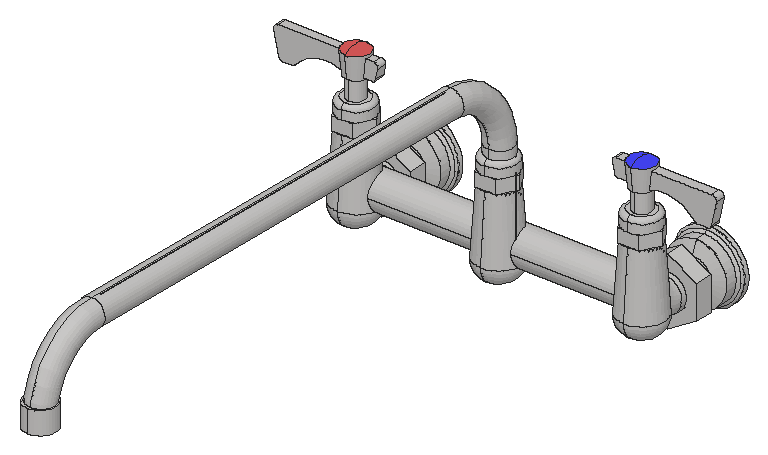
Revit family "Krowne_14-816L_WallMount_Faucet", category Plumbing Fixtures, Revit 2018
Family settings
  Round Connector Dimension = Use Diameter
  Part Type = Normal
  OmniClass Number = 23.40.40.00
  OmniClass Title = Food Service Equipment and Furnishings
  Work Plane-Based = No
  Always vertical = Yes
  Cut with Voids When Loaded = No
  Shared = No
  Room Calculation Point = No
Parameters (values of type "DefaultType")
  Width = 12"
  Weight in Pounds = 5
  Watermarked By = ""
  Waste Water Discharge Temperature [instance] = -459.67 °F
  URL Cutsheet = ""
  URL = "https://krowne.com/"
  Status [instance] = ""
  Specification by User [instance] = ""
  Specification by Manufacturer [instance] = ""
  Serial Number [instance] = ""
  Revision Code [instance] = ""
  Plumbing Remarks [instance] = ""
  Plumbing Connection Type = ""
  NAFEM Spec ID Number [instance] = ""
  Model = "14-816L"
  Masterspec [instance] = ""
  Manufacturer = "Krowne Metal"
  KCLRef = "KCL2C9,,0004c57c-0000-0000-0000-000000000307,KR,14-816L ,637099801980000000,39b99bac-e135-47d5-ac41-237336cf6c24,388dfc75-8dcc-4a4b-af24-d0498e3ca978"
  KCL SpecSheet URL = "http://kclweb.kclcad.com/imagehandler.ashx?kdoc=14-8xx&R=KR&M=14-816L%20&VC=7&TID=KCLWeb&T=doc"
  Item Number [instance] = "-"
  Installed By [instance] = ""
  Hot Water Temperature = 100 °F
  Hot Water Size = 1/2"
  Hot Water RI Height [instance] = 0"
  Hot Water Minimum Pressure = 0.00 psi
  Hot Water Maximum Pressure = 0.00 psi
  Hot Water Flow = 1.8 GPM
  Hot Water Consumption = 0 GPM
  Hot Water Connection Height = 0"
  Height = 3 15/16"
  Furnished By [instance] = ""
  Foodservice Equipment Identifier = yes
  Description = "Wall Mount Faucet"
  Depth = 1 7/8"
  Cold Water Temperature Recommended = -459.67 °F
  Cold Water Size = 1/2"
  Cold Water RI Height [instance] = 0"
  Cold Water Minimum Pressure = 0.00 psi
  Cold Water Maximum Pressure = 0.00 psi
  Cold Water Flow = 1.8 GPM
  Cold Water Consumption = ""
  Cold Water Connection Height = 0"
  CSI MasterFormat = ""
  Assembly Code = "E1090300"
Reference planes
  plane 1 "BACK": y = 0
  plane 2: z = 0
  plane 3 "LEFT": x = -471.569
  plane 4 "RIGHT": x = -166.769
  plane 5 "TOP": z = 100.013
  plane 6 "CENTER L/R": x = -319.169
  plane 7 "Top of Body": z = 44.45
  plane 8: y = -62.38
  plane 9: z = 166.688
  plane 10: z = 104.775
  plane 11: y = -469.9
Forms (mm)
  Sweep 1, solid, material "QF_Stainless-Polished"
    path origin (-319.169, 0, 0) x (0, 1, 0) y (0, 0, 1)
      loop
        line (-62.38, 44.45) -> (-62.38, 106.052)
        arc (-62.38, 106.052) -> (-75.087, 137.169) -> (-105.944, 150.494) r 44.45
        line (-105.944, 150.494) -> (-424.564, 156.844)
        arc (-424.564, 156.844) -> (-456.566, 144.145) -> (-469.9, 112.402) r 44.45
        line (-469.9, 112.402) -> (-469.9, 104.775)
    profile origin (-319.169, -62.38, 75.251) x (0, -1, 0) y (1, 0, 0)
      loop
        circle (0, 0) r 9.525
      loop
        circle (0, 0) r 6.35
  Extrusion 2, solid, material "QF_Stainless-Polished"
    sketch origin (-319.169, -469.9, 104.775) x (0, -1, 0) y (-1, 0, 0)
      loop
        circle (0, 0) r 9.525
      loop
        circle (0, 0) r 11.113
    from 0 to -15.875
Lines and regions (mm)
  symbolic lines
    curve 1: arc (-319.169, -71.905, 0) -> (-328.694, -62.38, 0) -> (-319.169, -52.855, 0) r 9.525
    curve 2: arc (-319.169, -52.855, 0) -> (-309.644, -62.38, 0) -> (-319.169, -71.905, 0) r 9.525
    curve 3: arc (-328.694, -469.9, 0) -> (-325.905, -476.635, 0) -> (-319.169, -479.425, 0) r 9.525
    curve 4: arc (-319.169, -479.425, 0) -> (-312.434, -476.635, 0) -> (-309.644, -469.9, 0) r 9.525
    curve 5: line (-328.694, -469.9, 0) -> (-328.694, -62.38, 0)
    curve 6: line (-309.644, -62.38, 0) -> (-309.644, -469.9, 0)
Dimensions and locks
  "Width": plane 3 "LEFT" to plane 4 "RIGHT"
  "Height": plane 5 "TOP" to plane 2
  plane 7 "Top of Body" to level = 1 3/4"
  equal spacing: plane 3 "LEFT", plane 6 "CENTER L/R", plane 4 "RIGHT"
  plane 11 to plane 1 "BACK" = 18 1/2"
  plane 10 to plane 5 "TOP" = 3/16"
  plane 9 to plane 5 "TOP" = 2 5/8"
  aligned and locked: level to plane 2
  aligned and locked: plane 8 to Sweep 1 sketch curve
  aligned and locked: Sweep 1 sketch curve to plane 11
  aligned and locked: plane 10 to Sweep 1 sketch curve
Automatic sketch dimensions
  curve 3 to curve 4 = 0"
  plane 11 to curve 5 = 0"
  plane 8 to curve 5 = 0"
  curve 1 to plane 6 "CENTER L/R" = 0"
  plane 8 to curve 6 = 0"
  plane 8 to curve 1 = 0"
  curve 5 to curve 3 = 3/8"
  Sweep 1 sketch curve to Sweep 1 sketch curve = 0"  (x2)
  Sweep 1 sketch curve to plane 6 "CENTER L/R" = 0"
  Sweep 1 sketch curve to profile plane = 0"
  Sweep 1 sketch curve to plane 7 "Top of Body" = 0"
  plane 10 to Sweep 1 sketch curve = 0.30029"
  Sweep 1 sketch curve to plane 9 = 0.38756"
  Sweep 1 sketch curve to Sweep 1 sketch curve = 0.03487"
  plane 10 to Sweep 1 sketch curve = 0.05029"
  Sweep 1 sketch curve to Sweep 1 sketch curve = 1 3/4"
  Sweep 1 sketch curve to plane 9 = 0.63756"
  radius of Extrusion 2 sketch curve to Sweep 1 = 0"
  radius of Sweep 1 to Extrusion 2 sketch curve = 1/16"
  radius of Sweep 1 sketch curve = 3/8"
  radius of Sweep 1 sketch curve = 1/4"
Nested families
  nested 1: "QF_Krowne_14-8_Body" at (-4.763, 0, 0), type "QF_Krowne_14-8_Body"
Connectors
  piping at (-420.769, 6.35, 37.306), diameter 12.7, driven by "Hot Water Flow", driven by "Hot Water Size"
    settings: on nested 1, index 1, connector inside diameter 24", connector length 0", flow factor 0, pipe flow 1.8 GPM, pressure drop 0.00 psi, fitting loss kfactor 0, connector angle 0.00°, fixture units 0, engagement length 0", angle of deflection 0.00°, flow configuration 1, flow direction 1, fitting loss method 0, system type 19, joint type 0, gender type 0, connector reference index -1, connector utility 0, adjustable connector no, is connector primary yes, connector description "HOT WATER"
  piping at (-217.569, 6.35, 37.306), diameter 12.7, driven by "Cold Water Flow", driven by "Cold Water Size"
    settings: on nested 1, index 2, connector inside diameter 24", connector length 0", flow factor 0, pipe flow 1.8 GPM, pressure drop 0.00 psi, fitting loss kfactor 0, connector angle 0.00°, fixture units 0, engagement length 0", angle of deflection 0.00°, flow configuration 1, flow direction 1, fitting loss method 0, system type 20, joint type 0, gender type 0, connector reference index -1, connector utility 0, adjustable connector no, is connector primary no, connector description "COLD WATER"
Definition of nested family "QF_Krowne_14-8_Body"
  Parameters (values of type "QF_Krowne_14-8_Body")
    Width = 12 3/8"
    Watermarked By = ""
    Height = 3 7/8"
    Description = ""
    Depth = 4 15/16"
  Reference planes
    plane 1 "BACK": y = 0
    plane 2: z = 0
    plane 3 "LEFT": x = -471.569
    plane 4 "RIGHT": x = -157.244
    plane 5 "TOP": z = 128.588
    plane 6 "Center": x = -314.407
    plane 7 "Left of Handle": x = -416.007
    plane 8 "Right of Handle": x = -212.807
    plane 9 "Center of Handles": y = -125.412
    plane 10 "Top of Body": z = 74.612
    plane 11: x = -444.582
    plane 12: x = -184.232
    plane 13 "Faucet Handle Center": y = -62.706
    plane 14: y = -59.531
    plane 15: y = -65.881
    plane 16: z = 37.306
  Forms (mm)
    Extrusion 1, solid
      sketch origin (0, 0, 80.962) x (0, 1, 0) y (-1, 0, 0)
        loop
          line (-62.38, 401.719) -> (-50.006, 408.863) -> (-50.006, 423.151) -> (-62.38, 430.294) -> (-74.753, 423.151) -> (-74.753, 408.863) -> (-62.38, 401.719)
        loop
          line (-62.38, 198.519) -> (-50.006, 205.663) -> (-50.006, 219.951) -> (-62.38, 227.094) -> (-74.753, 219.951) -> (-74.753, 205.663) -> (-62.38, 198.519)
        loop
          line (-62.38, 300.119) -> (-50.006, 307.263) -> (-50.006, 321.551) -> (-62.38, 328.694) -> (-74.753, 321.551) -> (-74.753, 307.263) -> (-62.38, 300.119)
      from 0 to 9.525
    Revolve 2, solid
      sketch origin (-416.007, 0, 0) x (0, 1, 0) y (0, 0, 1)
        loop
          line (-62.706, 90.488) -> (-50.006, 90.488) -> (-50.006, 96.838)
          arc (-50.006, 96.838) -> (-50.936, 99.083) -> (-53.181, 100.013) r 3.175
          line (-53.181, 100.013) -> (-62.706, 100.013) -> (-62.706, 90.488)
        axis (-62.706, 90.488) -> (-62.706, 100.013)
      angle from 0 to 360
    Revolve 3, solid
      sketch origin (-212.807, 0, 0) x (0, 1, 0) y (0, 0, 1)
        loop
          line (-62.706, 100.012) -> (-56.356, 100.012) -> (-56.356, 114.3) -> (-62.706, 114.3) -> (-62.706, 100.012)
        axis (-62.706, 100.012) -> (-62.706, 114.3)
      angle from 0 to 360
    Revolve 4, solid
      sketch origin (-416.007, 0, 0) x (0, 1, 0) y (0, 0, 1)
        loop
          line (-62.706, 100.013) -> (-56.356, 100.013) -> (-56.356, 114.3) -> (-62.706, 114.3) -> (-62.706, 100.013)
        axis (-62.706, 100.013) -> (-62.706, 114.3)
      angle from 0 to 360
    Revolve 5, solid
      sketch origin (-416.007, 0, 0) x (0, 1, 0) y (0, 0, 1)
        loop
          line (-62.706, 114.3) -> (-54.769, 114.3) -> (-53.181, 130.175) -> (-62.706, 130.175) -> (-62.706, 114.3)
        axis (-62.706, 114.3) -> (-62.706, 130.175)
      angle from 0 to 360
    Revolve 6, solid
      sketch origin (-212.807, 0, 0) x (0, 1, 0) y (0, 0, 1)
        loop
          line (-62.706, 114.3) -> (-54.769, 114.3) -> (-53.181, 130.175) -> (-62.706, 130.175) -> (-62.706, 114.3)
        axis (-62.706, 114.3) -> (-62.706, 130.175)
      angle from 0 to 360
    Revolve 7, solid
      sketch origin (-416.007, 0, 0) x (0, 1, 0) y (0, 0, 1)
        loop
          line (-62.706, 130.175) -> (-53.181, 130.175)
          arc (-53.181, 130.175) -> (-57.646, 132.655) -> (-62.706, 133.35) r 13.869
          line (-62.706, 133.35) -> (-62.706, 130.175)
        axis (-62.706, 130.175) -> (-62.706, 133.35)
      angle from 0 to 360
    Revolve 8, solid
      sketch origin (-212.807, 0, 0) x (0, 1, 0) y (0, 0, 1)
        loop
          line (-62.706, 130.175) -> (-53.181, 130.175)
          arc (-53.181, 130.175) -> (-57.646, 132.655) -> (-62.706, 133.35) r 13.869
          line (-62.706, 133.35) -> (-62.706, 130.175)
        axis (-62.706, 130.175) -> (-62.706, 133.35)
      angle from 0 to 360
    Extrusion 9, solid
      sketch origin (0, -62.706, 0) x (1, 0, 0) y (0, 0, 1)
        loop
          arc (-468.332, 128.588) -> (-470.787, 127.425) -> (-471.445, 124.79) r 3.175
          line (-471.445, 124.79) -> (-468.27, 108.916)
          arc (-468.27, 108.916) -> (-467.17, 107.083) -> (-465.157, 106.364) r 3.175
          line (-465.157, 106.364) -> (-458.81, 106.364)
          arc (-458.81, 106.364) -> (-457.469, 106.66) -> (-456.379, 107.496) r 3.175
          arc (-456.379, 107.496) -> (-441.832, 116.771) -> (-424.594, 116.065) r 28.792
          arc (-424.594, 116.065) -> (-424.065, 115.925) -> (-423.52, 115.878) r 3.175
          line (-423.52, 115.878) -> (-402.102, 115.878)
          arc (-402.102, 115.878) -> (-400.089, 116.597) -> (-398.988, 118.43) r 3.175
          line (-398.988, 118.43) -> (-397.716, 124.79)
          arc (-397.716, 124.79) -> (-398.374, 127.425) -> (-400.83, 128.588) r 3.175
          line (-400.83, 128.588) -> (-468.332, 128.588)
        loop
          line (-160.482, 128.588) -> (-227.984, 128.588)
          arc (-227.984, 128.588) -> (-230.439, 127.425) -> (-231.097, 124.79) r 3.175
          line (-231.097, 124.79) -> (-229.826, 118.43)
          arc (-229.826, 118.43) -> (-228.725, 116.597) -> (-226.712, 115.878) r 3.175
          line (-226.712, 115.878) -> (-205.294, 115.878)
          arc (-205.294, 115.878) -> (-204.749, 115.925) -> (-204.22, 116.065) r 3.175
          arc (-204.22, 116.065) -> (-186.982, 116.771) -> (-172.435, 107.496) r 28.792
          arc (-172.435, 107.496) -> (-171.345, 106.66) -> (-170.004, 106.364) r 3.175
          line (-170.004, 106.364) -> (-163.657, 106.364)
          arc (-163.657, 106.364) -> (-161.644, 107.083) -> (-160.544, 108.916) r 3.175
          line (-160.544, 108.916) -> (-157.369, 124.79)
          arc (-157.369, 124.79) -> (-158.027, 127.425) -> (-160.482, 128.588) r 3.175
      from -3.175 to 3.175
    Extrusion 10, solid
      sketch origin (0, 0, 0) x (1, 0, 0) y (0, 0, 1)
        loop
          circle (-416.007, 37.306) r 6.35
        loop
          circle (-212.807, 37.306) r 6.35
      from 0 to -6.35
    Revolve 11, solid
      sketch origin (-212.807, 0, 0) x (0, 1, 0) y (0, 0, 1)
        loop
          line (-62.706, 90.488) -> (-50.006, 90.488) -> (-50.006, 96.838)
          arc (-50.006, 96.838) -> (-50.936, 99.083) -> (-53.181, 100.013) r 3.175
          line (-53.181, 100.013) -> (-62.706, 100.013) -> (-62.706, 90.488)
        axis (-62.706, 90.488) -> (-62.706, 100.013)
      angle from 0 to 360
    Revolve 12, solid
      sketch origin (-416.007, 0, 0) x (0, 1, 0) y (0, 0, 1)
        loop
          line (0, 37.306) -> (0, 62.706) -> (-3.175, 62.706)
          arc (-3.175, 62.706) -> (-4.298, 62.241) -> (-4.762, 61.119) r 1.588
          line (-4.762, 61.119) -> (-6.75, 59.131) -> (-14.287, 59.131) -> (-17.462, 50.006) -> (-26.987, 50.006) -> (-26.988, 37.306) -> (0, 37.306)
        axis (0, 37.306) -> (-26.988, 37.306)
      angle from 0 to 360
    Revolve 13, solid
      sketch origin (-212.807, 0, 0) x (0, 1, 0) y (0, 0, 1)
        loop
          line (0, 37.306) -> (0, 62.706) -> (-3.175, 62.706)
          arc (-3.175, 62.706) -> (-4.298, 62.241) -> (-4.762, 61.119) r 1.588
          line (-4.762, 61.119) -> (-6.75, 59.131) -> (-14.287, 59.131) -> (-17.462, 50.006) -> (-26.987, 50.006) -> (-26.988, 37.306) -> (0, 37.306)
        axis (0, 37.306) -> (-26.988, 37.306)
      angle from 0 to 360
    Extrusion 14, solid
      sketch origin (-416.007, -26.988, 37.306) x (0, 0, 1) y (-1, 0, 0)
        loop
          line (11.915, -20.638) -> (23.83, 0) -> (11.915, 20.637) -> (-11.915, 20.637) -> (-23.83, 0) -> (-11.915, -20.637) -> (11.915, -20.638)
        loop
          line (11.915, -223.837) -> (23.83, -203.2) -> (11.915, -182.562) -> (-11.915, -182.562) -> (-23.83, -203.2) -> (-11.915, -223.837) -> (11.915, -223.837)
      from 0 to 12.7
    Sweep 15, solid
      path origin (-416.007, 0, 0) x (0, 1, 0) y (0, 0, 1)
        loop
          line (-26.988, 37.306) -> (-43.656, 37.306)
          arc (-43.656, 37.306) -> (-57.127, 42.886) -> (-62.706, 56.356) r 19.05
          line (-62.706, 56.356) -> (-62.706, 80.962)
      profile origin (-416.007, -35.322, 37.306) x (0, 0, -1) y (1, 0, 0)
        loop
          circle (0, 0) r 12.7
    Sweep 16, solid
      path origin (-212.807, 0, 0) x (0, 1, 0) y (0, 0, 1)
        loop
          line (-26.988, 37.306) -> (-43.656, 37.306)
          arc (-43.656, 37.306) -> (-57.127, 42.886) -> (-62.706, 56.356) r 19.05
          line (-62.706, 56.356) -> (-62.706, 80.962)
      profile origin (-212.807, -35.322, 37.306) x (0, 0, -1) y (1, 0, 0)
        loop
          circle (0, 0) r 12.7
    Extrusion 17, solid
      sketch origin (-416.007, 0, 0) x (0, 1, 0) y (0, 0, 1)
        loop
          circle (-57.127, 42.886) r 12.7
      from 0 to 203.2
    Sweep 18, solid
      path origin (-314.407, 0, 0) x (0, 1, 0) y (0, 0, 1)
        loop
          arc (-56.044, 41.884) -> (-60.961, 48.39) -> (-62.706, 56.356) r 19.05
          line (-62.706, 56.356) -> (-62.706, 80.962)
      profile origin (-314.407, -62.706, 68.659) x (0, -1, 0) y (1, 0, 0)
        loop
          circle (0, 0) r 12.7
    Revolve 19, solid
      sketch origin (-314.407, 0, 0) x (0, 1, 0) y (0, 0, 1)
        loop
          line (-62.706, 90.488) -> (-50.006, 90.488) -> (-50.006, 96.838)
          arc (-50.006, 96.838) -> (-50.936, 99.083) -> (-53.181, 100.013) r 3.175
          line (-53.181, 100.013) -> (-62.706, 100.013) -> (-62.706, 90.488)
        axis (-62.706, 90.488) -> (-62.706, 100.013)
      angle from 0 to 360
    Revolve 20, solid
      sketch origin (-416.007, 0, 0) x (0, 1, 0) y (0, 0, 1)
        loop
          line (-50.006, 80.962) -> (-62.706, 80.962) -> (-62.706, 20.044) -> (-59.365, 20.044)
          arc (-59.365, 20.044) -> (-50.077, 24.083) -> (-46.696, 33.63) r 12.7
          line (-46.696, 33.63) -> (-50.006, 80.962)
        axis (-62.706, 20.044) -> (-62.706, 80.962)
      angle from 0 to 360
    Revolve 21, solid
      sketch origin (-212.807, 0, 0) x (0, 1, 0) y (0, 0, 1)
        loop
          line (-50.006, 80.962) -> (-62.706, 80.962) -> (-62.706, 20.044) -> (-59.365, 20.044)
          arc (-59.365, 20.044) -> (-50.077, 24.083) -> (-46.696, 33.63) r 12.7
          line (-46.696, 33.63) -> (-50.006, 80.962)
        axis (-62.706, 20.044) -> (-62.706, 80.962)
      angle from 0 to 360
    Revolve 22, solid
      sketch origin (-314.407, 0, 0) x (0, 1, 0) y (0, 0, 1)
        loop
          line (-50.006, 80.962) -> (-62.706, 80.962) -> (-62.706, 20.044) -> (-59.365, 20.044)
          arc (-59.365, 20.044) -> (-50.077, 24.083) -> (-46.696, 33.63) r 12.7
          line (-46.696, 33.63) -> (-50.006, 80.962)
        axis (-62.706, 20.044) -> (-62.706, 80.962)
      angle from 0 to 360
  Lines and regions (mm)
    symbolic lines
      curve 1: line (-471.445, -59.531, 74.612) -> (-397.655, -59.531, 74.612)
      curve 2: line (-471.445, -65.881, 74.612) -> (-471.445, -59.531, 74.612)
      curve 3: line (-397.655, -65.881, 74.612) -> (-471.445, -65.881, 74.612)
      curve 4: line (-397.655, -59.531, 74.612) -> (-397.655, -65.881, 74.612)
      curve 5: line (-157.244, -59.531, 74.612) -> (-231.159, -59.531, 74.612)
      curve 6: line (-157.244, -65.881, 74.612) -> (-157.244, -59.531, 74.612)
      curve 7: line (-231.159, -65.881, 74.612) -> (-157.244, -65.881, 74.612)
      curve 8: line (-231.159, -59.531, 74.612) -> (-231.159, -65.881, 74.612)
      curve 9: line (-423.151, -50.333, 74.612) -> (-428.461, -59.531, 74.612)
      curve 10: line (-423.151, -50.333, 74.612) -> (-408.863, -50.333, 74.612)
      curve 11: line (-408.863, -50.333, 74.612) -> (-403.553, -59.531, 74.612)
      curve 12: line (-408.863, -75.08, 74.612) -> (-423.151, -75.08, 74.612)
      curve 13: line (-423.151, -75.08, 74.612) -> (-428.461, -65.881, 74.612)
      curve 14: line (-408.863, -75.08, 74.612) -> (-403.553, -65.881, 74.612)
      curve 15: line (-219.951, -50.333, 74.612) -> (-205.663, -50.333, 74.612)
      curve 16: line (-205.663, -50.333, 74.612) -> (-200.353, -59.531, 74.612)
      curve 17: line (-219.951, -50.333, 74.612) -> (-225.261, -59.531, 74.612)
      curve 18: line (-205.663, -75.08, 74.612) -> (-219.951, -75.08, 74.612)
      curve 19: line (-219.951, -75.08, 74.612) -> (-225.261, -65.881, 74.612)
      curve 20: line (-205.663, -75.08, 74.612) -> (-200.353, -65.881, 74.612)
      curve 21: line (-328.694, -62.38, 74.612) -> (-321.551, -74.753, 74.612)
      curve 22: line (-321.551, -74.753, 74.612) -> (-307.263, -74.753, 74.612)
      curve 23: line (-307.263, -74.753, 74.612) -> (-300.119, -62.38, 74.612)
      curve 24: line (-300.119, -62.38, 74.612) -> (-307.263, -50.006, 74.612)
      curve 25: line (-307.263, -50.006, 74.612) -> (-321.551, -50.006, 74.612)
      curve 26: line (-321.551, -50.006, 74.612) -> (-328.694, -62.38, 74.612)
      curve 27: line (-441.407, 0, 74.612) -> (-390.607, 0, 74.612)
      curve 28: line (-441.407, 0, 74.612) -> (-441.407, -3.175, 74.612)
      curve 29: line (-437.831, -6.75, 74.612) -> (-439.819, -4.763, 74.612)
      curve 30: arc (-439.819, -4.763, 74.612) -> (-440.942, -4.298, 74.612) -> (-441.407, -3.175, 74.612) r 1.588
      curve 31: line (-437.831, -6.75, 74.612) -> (-437.831, -14.288, 74.612)
      curve 32: line (-437.831, -14.288, 74.612) -> (-428.707, -17.463, 74.612)
      curve 33: line (-428.707, -17.463, 74.612) -> (-428.707, -26.987, 74.612)
      curve 34: line (-428.707, -26.987, 74.612) -> (-436.644, -26.987, 74.612)
      curve 35: line (-436.644, -26.987, 74.612) -> (-436.644, -39.688, 74.612)
      curve 36: line (-436.644, -39.688, 74.612) -> (-428.719, -39.687, 74.612)
      curve 37: line (-428.719, -39.687, 74.612) -> (-428.719, -59.531, 74.612)
      curve 38: line (-390.607, 0, 74.612) -> (-390.607, -3.175, 74.612)
      curve 39: line (-394.182, -6.75, 74.612) -> (-392.194, -4.763, 74.612)
      curve 40: arc (-392.194, -4.763, 74.612) -> (-391.072, -4.298, 74.612) -> (-390.607, -3.175, 74.612) r 1.588
      curve 41: line (-394.182, -6.75, 74.612) -> (-394.182, -14.288, 74.612)
      curve 42: line (-394.182, -14.288, 74.612) -> (-403.307, -17.463, 74.612)
      curve 43: line (-403.307, -17.463, 74.612) -> (-403.307, -26.987, 74.612)
      curve 44: line (-403.307, -26.987, 74.612) -> (-395.369, -26.987, 74.612)
      curve 45: line (-395.369, -26.987, 74.612) -> (-395.369, -39.688, 74.612)
      curve 46: line (-395.369, -39.688, 74.612) -> (-403.295, -39.687, 74.612)
      curve 47: line (-403.295, -39.687, 74.612) -> (-403.295, -59.531, 74.612)
      curve 48: line (-205.663, -50.333, 74.612) -> (-219.951, -50.333, 74.612)
      curve 49: line (-187.407, 0, 74.612) -> (-238.207, 0, 74.612)
      curve 50: line (-187.407, 0, 74.612) -> (-187.407, -3.175, 74.612)
      curve 51: line (-190.982, -6.75, 74.612) -> (-188.994, -4.763, 74.612)
      curve 52: arc (-188.994, -4.763, 74.612) -> (-187.872, -4.298, 74.612) -> (-187.407, -3.175, 74.612) r 1.588
      curve 53: line (-190.982, -6.75, 74.612) -> (-190.982, -14.288, 74.612)
      curve 54: line (-190.982, -14.288, 74.612) -> (-200.107, -17.463, 74.612)
      curve 55: line (-200.107, -17.463, 74.612) -> (-200.107, -26.987, 74.612)
      curve 56: line (-200.107, -26.987, 74.612) -> (-192.169, -26.987, 74.612)
      curve 57: line (-192.169, -26.987, 74.612) -> (-192.169, -39.688, 74.612)
      curve 58: line (-192.169, -39.688, 74.612) -> (-200.095, -39.687, 74.612)
      curve 59: line (-200.095, -39.687, 74.612) -> (-200.095, -59.531, 74.612)
      curve 60: line (-238.207, 0, 74.612) -> (-238.207, -3.175, 74.612)
      curve 61: line (-234.631, -6.75, 74.612) -> (-236.619, -4.763, 74.612)
      curve 62: arc (-236.619, -4.763, 74.612) -> (-237.742, -4.298, 74.612) -> (-238.207, -3.175, 74.612) r 1.588
      curve 63: line (-234.631, -6.75, 74.612) -> (-234.631, -14.288, 74.612)
      curve 64: line (-234.631, -14.288, 74.612) -> (-225.507, -17.463, 74.612)
      curve 65: line (-225.507, -17.463, 74.612) -> (-225.507, -26.987, 74.612)
      curve 66: line (-225.507, -26.987, 74.612) -> (-233.444, -26.987, 74.612)
      curve 67: line (-233.444, -26.987, 74.612) -> (-233.444, -39.688, 74.612)
      curve 68: line (-233.444, -39.688, 74.612) -> (-225.519, -39.687, 74.612)
      curve 69: line (-225.519, -39.687, 74.612) -> (-225.519, -59.531, 74.612)
      curve 70: line (-403.295, -44.504, 74.612) -> (-225.519, -44.504, 74.612)
      curve 71: line (-405.528, -69.303, 74.612) -> (-324.697, -69.303, 74.612)
      curve 72: line (-303.555, -69.303, 74.612) -> (-223.286, -69.303, 74.612)
  Dimensions and locks
    "Width": plane 3 "LEFT" to plane 4 "RIGHT"
    equal spacing: plane 3 "LEFT", plane 6 "Center", plane 4 "RIGHT"
    "Depth": plane 9 "Center of Handles" to plane 1 "BACK"
    plane 10 "Top of Body" to level = 2 15/16"
    equal spacing: plane 10 "Top of Body", plane 16, level
    locked: plane 3 "LEFT" to plane 11 at 26.988
    locked: plane 12 to plane 4 "RIGHT" at 26.988
    locked: plane 8 "Right of Handle" to plane 12 at 28.575
    locked: plane 11 to plane 7 "Left of Handle" at 28.575
    locked: plane 5 "TOP" to plane 10 "Top of Body" at 53.975
    equal spacing: plane 15, plane 13 "Faucet Handle Center", plane 14, locked at 3.175 each
    plane 15 to plane 14 = 1/4"
    equal spacing: plane 9 "Center of Handles", plane 13 "Faucet Handle Center", plane 1 "BACK"
    aligned and locked: level to plane 2
    aligned and locked: Revolve 5 sketch curve to Revolve 5 sketch curve
    aligned and locked: Revolve 6 sketch curve to Revolve 6 sketch curve
    aligned and locked: Extrusion 9 sketch curve to plane 5 "TOP"
    aligned and locked: plane 5 "TOP" to Extrusion 9 sketch curve
    aligned and locked: Extrusion 9 to plane 14
    aligned and locked: curve 1 to Extrusion 9
    aligned and locked: curve 2 to Extrusion 9
    aligned and locked: curve 3 to Extrusion 9
    aligned and locked: curve 5 to Extrusion 9
    aligned and locked: Extrusion 9 to curve 7
    aligned and locked: plane 4 "RIGHT" to curve 6
    aligned and locked: Revolve 11 sketch curve to plane 13 "Faucet Handle Center"
    aligned and locked: plane 8 "Right of Handle" to Extrusion 17
    aligned and locked: plane 13 "Faucet Handle Center" to Revolve 20 sketch curve
  Automatic sketch dimensions
    Revolve 2 sketch curve to plane 13 "Faucet Handle Center" = 0"  (x2)
    Revolve 2 sketch curve to Revolve 2 sketch curve = 3/8"
    Revolve 2 sketch curve to Revolve 2 sketch curve = 1/8"
    plane 10 "Top of Body" to Revolve 2 sketch curve = 5/8"
    Revolve 2 sketch curve to Revolve 2 sketch curve = 1/4"
    Revolve 2 sketch curve to Revolve 2 sketch curve = 0"  (x2)
    Revolve 3 sketch curve to plane 13 "Faucet Handle Center" = 0"  (x2)
    Revolve 3 sketch curve to plane 13 "Faucet Handle Center" = 1/4"
    plane 10 "Top of Body" to Revolve 3 sketch curve = 1"
    Revolve 3 sketch curve to Revolve 3 sketch curve = 9/16"
    Revolve 3 sketch curve to Revolve 3 sketch curve = 3/8"
    Revolve 3 sketch curve to Revolve 3 sketch curve = 0"
    Revolve 4 sketch curve to plane 13 "Faucet Handle Center" = 0"  (x2)
    Revolve 4 sketch curve to Revolve 4 sketch curve = 1/4"
    plane 10 "Top of Body" to Revolve 4 sketch curve = 1"
    Revolve 4 sketch curve to Revolve 4 sketch curve = 9/16"
    Revolve 4 sketch curve to Revolve 4 sketch curve = 3/8"
    Revolve 4 sketch curve to Revolve 4 sketch curve = 0"
    Revolve 5 sketch curve to plane 13 "Faucet Handle Center" = 0"
    Revolve 5 sketch curve to Revolve 5 sketch curve = 5/16"
    plane 5 "TOP" to Revolve 5 sketch curve = 1/16"
    Revolve 5 sketch curve to Revolve 5 sketch curve = 3/8"
    Revolve 5 sketch curve to plane 5 "TOP" = 9/16"
    Revolve 5 sketch curve to Revolve 5 sketch curve = 0"  (x2)
    Revolve 6 sketch curve to plane 13 "Faucet Handle Center" = 0"
    Revolve 6 sketch curve to plane 13 "Faucet Handle Center" = 5/16"
    plane 5 "TOP" to Revolve 6 sketch curve = 1/16"
    Revolve 6 sketch curve to plane 13 "Faucet Handle Center" = 3/8"
    Revolve 6 sketch curve to plane 5 "TOP" = 9/16"
    Revolve 6 sketch curve to Revolve 6 sketch curve = 0"  (x2)
    Revolve 7 sketch curve to plane 13 "Faucet Handle Center" = 0"  (x2)
    Revolve 7 sketch curve to plane 13 "Faucet Handle Center" = 0.02655"
    plane 5 "TOP" to Revolve 7 sketch curve = 1/16"
    Revolve 7 sketch curve to Revolve 7 sketch curve = 3/8"
    Revolve 7 sketch curve to plane 5 "TOP" = 0.35786"
    Revolve 7 sketch curve to Revolve 7 sketch curve = 0"  (x2)
    Revolve 8 sketch curve to plane 13 "Faucet Handle Center" = 0"  (x2)
    Revolve 8 sketch curve to plane 13 "Faucet Handle Center" = 0.02655"
    plane 5 "TOP" to Revolve 8 sketch curve = 1/16"
    Revolve 8 sketch curve to Revolve 8 sketch curve = 3/8"
    Revolve 8 sketch curve to plane 5 "TOP" = 0.35786"
    Revolve 8 sketch curve to Revolve 8 sketch curve = 0"  (x2)
    Revolve 12 sketch curve to plane 9 "Center of Handles" = 0"
    Revolve 12 sketch curve to plane 16 = 0"  (x2)
    Revolve 12 sketch curve to plane 1 "BACK" = 0"  (x2)
    plane 16 to Revolve 12 sketch curve = 1/2"
    plane 1 "BACK" to Revolve 12 sketch curve = 1 1/16"
    Revolve 12 sketch curve to Revolve 12 sketch curve = 3/8"
    Revolve 12 sketch curve to Revolve 12 sketch curve = 1/8"
    plane 1 "BACK" to Revolve 12 sketch curve = 0.26577"
    Revolve 12 sketch curve to Revolve 12 sketch curve = 0.07827"  (x2)
    Revolve 12 sketch curve to Revolve 12 sketch curve = 1/16"
    Revolve 12 sketch curve to Revolve 12 sketch curve = 0.35923"
    Revolve 13 sketch curve to plane 9 "Center of Handles" = 0"
    Revolve 13 sketch curve to plane 16 = 0"  (x2)
    Revolve 13 sketch curve to plane 1 "BACK" = 0"  (x2)
    Revolve 13 sketch curve to Revolve 13 sketch curve = 1 1/16"
    Revolve 13 sketch curve to Revolve 13 sketch curve = 3/8"
    Revolve 13 sketch curve to Revolve 13 sketch curve = 1/8"
    plane 1 "BACK" to Revolve 13 sketch curve = 0.26577"
    Revolve 13 sketch curve to Revolve 13 sketch curve = 0.07827"  (x2)
    Revolve 13 sketch curve to Revolve 13 sketch curve = 1/16"
    plane 16 to Revolve 13 sketch curve = 1/2"
    Revolve 13 sketch curve to Revolve 13 sketch curve = 0.35923"
    Revolve 12 to Extrusion 14 sketch curve = 0"
    Extrusion 14 sketch curve to Revolve 12 = 0"
    Revolve 12 to Extrusion 14 sketch curve = 8"  (x2)
    Extrusion 14 sketch curve to Extrusion 14 sketch curve = 0"
    Extrusion 14 sketch curve to Extrusion 14 sketch curve = 0.4691"  (x6)
    Extrusion 14 sketch curve to Extrusion 14 sketch curve = 0.93819"  (x4)
    Revolve 12 to Extrusion 14 sketch curve = 7 3/16"
    Revolve 12 to Extrusion 14 sketch curve = 8 13/16"
    Revolve 12 to Extrusion 14 sketch curve = 13/16"
    Extrusion 14 sketch curve to Revolve 12 = 13/16"
    plane 15 to Extrusion 1 sketch curve = 0.34928"  (x3)
    Extrusion 1 sketch curve to plane 13 "Faucet Handle Center" = 0.01286"  (x6)
    Extrusion 1 sketch curve to plane 14 = 3/8"  (x3)
    plane 8 "Right of Handle" to Extrusion 1 sketch curve = 9/16"
    plane 8 "Right of Handle" to Extrusion 1 sketch curve = 9/32"  (x2)
    Extrusion 1 sketch curve to plane 8 "Right of Handle" = 9/32"  (x2)
    Extrusion 1 sketch curve to plane 8 "Right of Handle" = 9/16"
    plane 6 "Center" to Extrusion 1 sketch curve = 9/16"
    plane 6 "Center" to Extrusion 1 sketch curve = 9/32"  (x2)
    Extrusion 1 sketch curve to plane 6 "Center" = 9/32"  (x2)
    Extrusion 1 sketch curve to Extrusion 1 sketch curve = 9/32"  (x2)
    plane 7 "Left of Handle" to Extrusion 1 sketch curve = 9/16"
    plane 7 "Left of Handle" to Extrusion 1 sketch curve = 9/32"  (x2)
    Extrusion 1 sketch curve to plane 7 "Left of Handle" = 9/32"  (x2)
    plane 3 "LEFT" to Extrusion 9 sketch curve = 0.0049"
    Extrusion 9 sketch curve to Extrusion 9 sketch curve = 0.12257"  (x5)
    plane 3 "LEFT" to Extrusion 9 sketch curve = 0.12989"
    Extrusion 9 sketch curve to Extrusion 9 sketch curve = 0.24989"  (x2)
    plane 11 to Extrusion 9 sketch curve = 0.40333"
    Extrusion 9 sketch curve to plane 7 "Left of Handle" = 0.29578"
    plane 7 "Left of Handle" to Extrusion 9 sketch curve = 0.54745"
    Extrusion 9 sketch curve to plane 5 "TOP" = 1/8"  (x2)
    Extrusion 9 sketch curve to Extrusion 9 sketch curve = 0.05007"  (x2)
    Extrusion 9 sketch curve to plane 5 "TOP" = 0.39989"
    Extrusion 9 sketch curve to plane 5 "TOP" = 0.14951"  (x4)
    Extrusion 9 sketch curve to plane 8 "Right of Handle" = 0.7201"
    plane 8 "Right of Handle" to Extrusion 9 sketch curve = 0.29578"
    Extrusion 9 sketch curve to plane 12 = 0.40333"
    Extrusion 9 sketch curve to plane 4 "RIGHT" = 0.50235"
    Extrusion 9 sketch curve to plane 4 "RIGHT" = 0.12748"
    Extrusion 9 sketch curve to plane 4 "RIGHT" = 0.0049"
    Extrusion 9 sketch curve to Extrusion 9 sketch curve = 0.25038"
    Extrusion 9 sketch curve to plane 5 "TOP" = 0.50038"
    Extrusion 9 sketch curve to Extrusion 9 sketch curve = 0.10049"
    Extrusion 9 sketch curve to plane 5 "TOP" = 0.74996"  (x2)
    Extrusion 9 sketch curve to Extrusion 9 sketch curve = 0"  (x4)
    Extrusion 9 sketch curve to Extrusion 9 sketch curve = 0.02451"  (x2)
    plane 10 "Top of Body" to Extrusion 9 sketch curve = 0.56533"  (x2)
    Extrusion 9 sketch curve to Extrusion 9 sketch curve = 1/8"  (x2)
    Extrusion 10 sketch curve to plane 7 "Left of Handle" = 0"
    Extrusion 10 sketch curve to plane 8 "Right of Handle" = 0"
    Extrusion 10 sketch curve to plane 16 = 0"  (x2)
    Revolve 11 sketch curve to plane 13 "Faucet Handle Center" = 0"
    Revolve 11 sketch curve to plane 14 = 1/4"
    Revolve 11 sketch curve to Revolve 11 sketch curve = 1/8"
    plane 10 "Top of Body" to Revolve 11 sketch curve = 5/8"
    Revolve 11 sketch curve to Revolve 11 sketch curve = 1/4"
    Revolve 11 sketch curve to Revolve 11 sketch curve = 0"  (x2)
    Sweep 15 sketch curve to plane 13 "Faucet Handle Center" = 0"
    Sweep 15 sketch curve to plane 16 = 0"
    Sweep 15 sketch curve to plane 14 = 5/8"
    Sweep 15 sketch curve to Sweep 15 sketch curve = 21/32"
    plane 10 "Top of Body" to Sweep 15 sketch curve = 1/4"
    Sweep 15 sketch curve to plane 7 "Left of Handle" = 0"
    Sweep 15 sketch curve to profile plane = 0"
    Sweep 16 sketch curve to plane 13 "Faucet Handle Center" = 0"
    Sweep 16 sketch curve to plane 16 = 0"
    Sweep 16 sketch curve to plane 14 = 5/8"
    Sweep 16 sketch curve to Sweep 16 sketch curve = 21/32"
    plane 10 "Top of Body" to Sweep 16 sketch curve = 1/4"
    Sweep 16 sketch curve to plane 8 "Right of Handle" = 0"
    Sweep 16 sketch curve to profile plane = 0"
    Extrusion 17 sketch curve to plane 14 = 0.09467"
    plane 16 to Extrusion 17 sketch curve = 0.21967"
    Sweep 18 sketch curve to plane 13 "Faucet Handle Center" = 0"
    Sweep 18 sketch curve to plane 14 = 5/8"
    Sweep 18 sketch curve to plane 10 "Top of Body" = 23/32"
    Sweep 18 sketch curve to plane 14 = 0.1373"
    plane 10 "Top of Body" to Sweep 18 sketch curve = 1/4"
    Sweep 18 sketch curve to plane 6 "Center" = 0"
    Sweep 18 sketch curve to profile plane = 0"
    Revolve 19 sketch curve to plane 13 "Faucet Handle Center" = 0"  (x2)
    Revolve 19 sketch curve to plane 14 = 1/4"
    Revolve 19 sketch curve to Revolve 19 sketch curve = 1/8"
    plane 10 "Top of Body" to Revolve 19 sketch curve = 5/8"
    Revolve 19 sketch curve to Revolve 19 sketch curve = 1/4"
    Revolve 19 sketch curve to Revolve 19 sketch curve = 0"  (x2)
    plane 1 "BACK" to curve 27 = 0"
    plane 1 "BACK" to curve 49 = 0"
    plane 15 to curve 21 = 0.34928"
    plane 15 to curve 12 = 0.36214"
    curve 23 to plane 13 "Faucet Handle Center" = 0.01286"
    curve 21 to plane 13 "Faucet Handle Center" = 0.01286"
    curve 9 to plane 14 = 0.36214"
    curve 17 to plane 14 = 0.36214"
    curve 25 to plane 14 = 3/8"
    curve 15 to curve 67 = 0.41911"
    curve 10 to curve 47 = 0.41911"
    curve 57 to plane 12 = 5/16"
    curve 15 to curve 57 = 0.41911"
    plane 11 to curve 35 = 5/16"
    curve 9 to curve 35 = 0.41911"
    curve 68 to curve 66 = 1/2"
    curve 57 to curve 57 = 1/2"
    curve 46 to curve 43 = 1/2"
    curve 36 to curve 33 = 1/2"
    curve 65 to curve 65 = 3/8"
    curve 55 to curve 54 = 3/8"
    curve 33 to curve 33 = 3/8"
    curve 43 to curve 42 = 3/8"
    curve 64 to curve 63 = 1/8"
    plane 11 to curve 32 = 0.26577"
    curve 32 to curve 32 = 1/8"
    curve 42 to curve 42 = 1/8"
    curve 54 to curve 53 = 1/8"
    plane 1 "BACK" to curve 63 = 0.26577"
    plane 1 "BACK" to curve 41 = 0.26577"
    plane 1 "BACK" to curve 51 = 0.26577"
    plane 1 "BACK" to curve 31 = 0.26577"
    curve 51 to curve 51 = 0.07827"
    curve 29 to curve 29 = 0.07827"
    curve 61 to curve 61 = 0.07827"  (x2)
    curve 39 to curve 39 = 0.07827"
    curve 62 to curve 62 = 1/16"
    curve 39 to curve 38 = 1/16"
    curve 52 to curve 52 = 1/16"
    curve 29 to curve 30 = 1/16"
    curve 50 to plane 12 = 1/8"
    curve 53 to plane 12 = 0.26577"
    curve 57 to curve 58 = 0.31203"
    curve 53 to curve 55 = 0.35923"
    plane 8 "Right of Handle" to curve 15 = 9/32"
    plane 8 "Right of Handle" to curve 18 = 9/32"
    curve 15 to plane 8 "Right of Handle" = 9/32"
    curve 18 to plane 8 "Right of Handle" = 9/32"
    curve 66 to plane 8 "Right of Handle" = 1/2"
    curve 15 to curve 68 = 0.21922"
    curve 69 to curve 8 = 0.22206"
    curve 65 to curve 66 = 5/16"
    curve 64 to curve 63 = 0.35923"
    plane 6 "Center" to curve 24 = 9/16"
    plane 6 "Center" to curve 23 = 9/32"
    plane 6 "Center" to curve 24 = 9/32"
    curve 26 to plane 6 "Center" = 9/32"
    curve 21 to plane 6 "Center" = 9/32"
    curve 21 to curve 21 = 9/32"
    plane 7 "Left of Handle" to curve 27 = 1"
    curve 40 to curve 39 = 0.07827"
    plane 7 "Left of Handle" to curve 45 = 13/16"
    plane 7 "Left of Handle" to curve 4 = 0.72253"
    curve 45 to curve 47 = 0.31203"
    curve 41 to curve 43 = 0.35923"
    plane 7 "Left of Handle" to curve 10 = 9/32"
    plane 7 "Left of Handle" to curve 12 = 9/32"
    curve 12 to plane 7 "Left of Handle" = 9/32"
    curve 10 to plane 7 "Left of Handle" = 9/32"
    curve 33 to curve 31 = 0.35923"
    curve 36 to curve 35 = 0.31203"
    curve 29 to curve 30 = 0.07827"
    plane 15 to curve 72 = 0.13473"
    plane 15 to curve 71 = 0.13473"
    curve 70 to curve 46 = 0.18961"
    curve 59 to curve 20 = 0.01014"
    curve 59 to curve 16 = 0.01014"
    curve 18 to curve 72 = 0.1313"
    curve 17 to curve 69 = 0.01014"
    curve 72 to curve 19 = 0.07779"
    curve 72 to curve 22 = 0.146"
    curve 3 to curve 14 = 0.2322"
    curve 47 to curve 11 = 0.01014"
    curve 13 to curve 37 = 0.01014"
    curve 9 to curve 37 = 0.01014"
    Revolve 20 sketch curve to plane 13 "Faucet Handle Center" = 0"
    Revolve 20 sketch curve to plane 14 = 0.00653"
    Revolve 20 sketch curve to plane 14 = 3/8"
    Revolve 20 sketch curve to plane 16 = 0.14474"
    Revolve 20 sketch curve to Revolve 20 sketch curve = 0.49878"
    Revolve 20 sketch curve to plane 16 = 0.17962"
    plane 10 "Top of Body" to Revolve 20 sketch curve = 1/4"
    level to Revolve 20 sketch curve = 0.38545"
    Revolve 20 sketch curve to Revolve 20 sketch curve = 0.07103"
    Revolve 21 sketch curve to plane 13 "Faucet Handle Center" = 0"  (x2)
    Revolve 21 sketch curve to plane 14 = 0.00653"
    Revolve 21 sketch curve to plane 14 = 3/8"
    Revolve 21 sketch curve to plane 16 = 0.14474"
    Revolve 21 sketch curve to Revolve 21 sketch curve = 0.49878"
    Revolve 21 sketch curve to plane 16 = 0.17962"
    plane 10 "Top of Body" to Revolve 21 sketch curve = 1/4"
    level to Revolve 21 sketch curve = 0.38545"
    Revolve 21 sketch curve to Revolve 21 sketch curve = 0.07103"
    Revolve 22 sketch curve to plane 13 "Faucet Handle Center" = 0"  (x2)
    Revolve 22 sketch curve to plane 14 = 0.00653"
    Revolve 22 sketch curve to plane 14 = 3/8"
    Revolve 22 sketch curve to plane 16 = 0.14474"
    Revolve 22 sketch curve to Revolve 22 sketch curve = 0.49878"
    Revolve 22 sketch curve to plane 16 = 0.17962"
    plane 10 "Top of Body" to Revolve 22 sketch curve = 1/4"
    level to Revolve 22 sketch curve = 0.38545"
    Revolve 22 sketch curve to Revolve 22 sketch curve = 0.07103"
    radius of Extrusion 10 sketch curve = 1/4"  (x2)
    radius of Sweep 15 sketch curve = 1/2"
    radius of Sweep 16 sketch curve = 1/2"
    radius of Extrusion 17 sketch curve = 1/2"
    radius of Sweep 18 sketch curve = 1/2"
